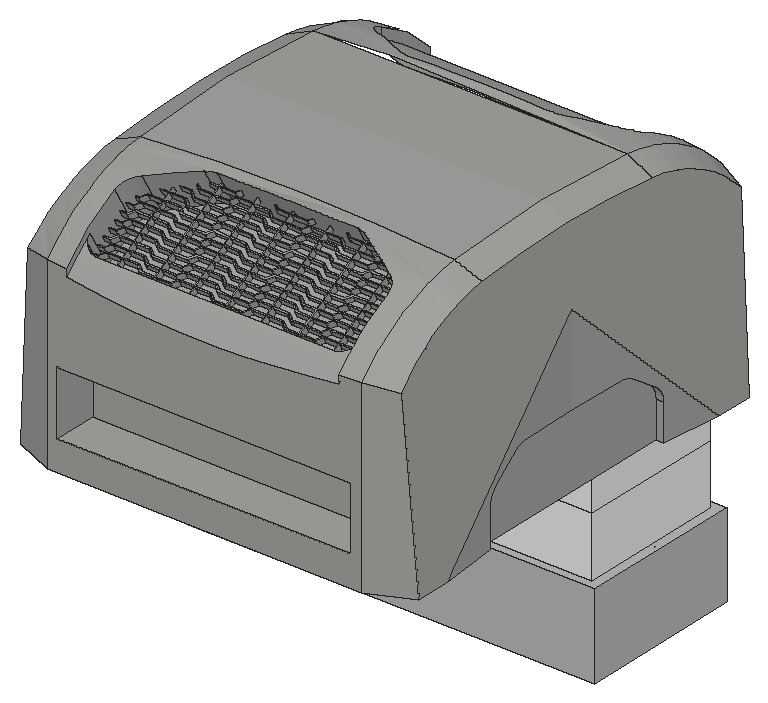
Revit family "OXeN X2-W-1.2-V nástěnná_RFA2018", category Mechanical Equipment, host Face, Revit 2018
Family settings
  Host = Face
  Round Connector Dimension = Use Diameter
  Part Type = Normal
  Cut with Voids When Loaded = No
  Shared = No
  Room Calculation Point = No
Parameters (values of type "X2-W-1.2-V")
  array_visibility [instance] = OxC quantity > 1  # yes
  visibility [instance] = not(array_visibility)  # no
  Weight of unit filled with water = 70.40 kg
  Weight of unit = 69.60 kg
  Water stream flow in the heat exchanger = 0 L/s
  Water pressure drop in the heat exchanger = 0 kPa
  URL = "www.hydronic.cz"
  Type Comments = "nástěnná instalace; výměník PN16; twmax=95°C; regulace vzduchového výkonu - spojitá 0-100%; filtr =EU4; IP42; Horizontální izotermický dosah pro koncovou rychlost 0,2m/s =max.15m"
  Thickness of the wall [instance] = 370.00 mm
  Product data = ""
  Power supply = 230 V
  Power ratio = 1
  OxE Extension [instance] = no
  OxC quantity [instance] = roundup((Thickness of the wall + 10.00 mm) / 200.00 mm)  # 2
  Outlet water temperature (Tw2) = 0 °C
  Outlet air temperature (Tp2) = 0 °C
  Max. current consumption = 1.9 A
  Material = FLOWAIR-EPP-Gray
  Manufacturer = "Hydronic Systems Prague s.r.o."
  Load classification = Motor
  Inlet water temperature (Tw1) = 0 °C
  Inlet air temperature (Tp1) = 0 °C
  Heating capacity = 0 kW
  Description = "Bezkanálová větrací jednotka s rekuperací"
  Model = "OXeN X2-W-1.2-V"
  array_quantity [instance] = if(OxC quantity < 2, 2, OxC quantity)  # 2
  IP = "42"
  length [instance] = Thickness of the wall + 10.00 mm  # 380.00 mm
  Default Elevation = 2000.00 mm
  Connection = 1/2"
  Author = ""
  Assembly Code = "30019; nástěnná; s teplovodním dohřevem - P=10kW při 80/60/5; (Qmax=1200m3/h při 100% vzduchovém výkonu a dpext=0Pa);; "
  Apparent power = Power supply * Max. current consumption  # 437 VA
  Air flow = 1200 m³/h
  Air exhaust right side [instance] = not(Air exhaust left side)  # no
  Air exhaust left side [instance] = yes
Reference planes
  plane 1 "Środek (Przód/Tył)": y = 0
  plane 2: z = 0
  plane 3 "Środek (Lewa/Prawa)": x = 0
  plane 4: z = -370
  plane 5: y = 1127.769
Forms (mm)
  Extrusion 1, void
    sketch origin (0, 0, 0) x (0, 1, 0) y (0, 0, 1)
      loop
        line (1348.769, 0) -> (906.769, 0) -> (906.769, -370) -> (1348.769, -370) -> (1348.769, 0)
    from 436 to -436
Dimensions and locks
  "Thickness of the wall": level to plane 4
  group 1 to group 2 = 0.00 mm  (x2)
  group 2 to group 1 = 180.00 mm
  aligned and locked: plane 2 to host face
  aligned and locked: level to host face
  aligned and locked: Extrusion 1 sketch curve to level
  aligned and locked: plane 4 to Extrusion 1 sketch curve
  aligned and locked: nested 3 to plane 4
  aligned and locked: nested 4 to plane 5
  aligned and locked: plane 3 "Środek (Lewa/Prawa)" to nested 4
  aligned and locked: plane 4 to nested 4
  aligned and locked: nested 6 to plane 4
  aligned and locked: nested 6 to plane 5
  aligned and locked: plane 3 "Środek (Lewa/Prawa)" to nested 6
Automatic sketch dimensions
  host sketch curve to host sketch curve = 2438.40 mm
  host sketch curve to host sketch curve = 1900.00 mm
  Extrusion 1 sketch curve to plane 1 "Środek (Przód/Tył)" = 906.769 mm
  Extrusion 1 sketch curve to Extrusion 1 sketch curve = 442.00 mm
Nested families
  nested 1: "OXeN" at (0, 0, 0), type "OXeN"
  nested 2: "FLOWAIR OxC" at (0, 1127.769, -190), visible <- "array_visibility", type "OxC"
    with Length 200.00 mm
  nested 3: "FLOWAIR OxC" at (0, 1127.769, -370), visible <- "array_visibility", type "OxC"
    with Length 200.00 mm
  nested 4: "FLOWAIR OxS" at (0, 1127.769, -370), visible <- "Air exhaust left side", OxE Extension <- "OxE Extension", type "OxS"
    with OxE Extension no, Extension 0.00 mm
  nested 5: "FLOWAIR OxS" at (0, 1127.769, -370) x (-1, 0, 0) z (0, 0, 1), visible <- "Air exhaust right side", OxE Extension <- "OxE Extension", type "OxS"
    with OxE Extension no, Extension 0.00 mm
  nested 6: "FLOWAIR OxC" at (0, 1127.769, -370), visible <- "visibility", type "OxC"
Connectors
  piping at (495, 239, 253), diameter 12.7, driven by "Connection", driven by "Water stream flow in the heat exchanger", driven by "Water pressure drop in the heat exchanger"
    settings: on nested 1, index 6, connector inside diameter 24", connector length 0.00 mm, flow factor 0, pipe flow 0 L/s, pressure drop 0 kPa, fitting loss kfactor 0, connector angle 0.00°, fixture units 0, engagement length 0.00 mm, angle of deflection 0.00°, flow configuration 1, flow direction 2, fitting loss method 4, system type 8, joint type 0, gender type 0, connector reference index -1, connector utility 0, adjustable connector no, is connector primary no, connector description ""
  piping at (480, 189, 278), diameter 12.7, driven by "Connection", driven by "Water stream flow in the heat exchanger", driven by "Water pressure drop in the heat exchanger"
    settings: on nested 1, index 7, connector inside diameter 24", connector length 0.00 mm, flow factor 0, pipe flow 0 L/s, pressure drop 0 kPa, fitting loss kfactor 0, connector angle 0.00°, fixture units 0, engagement length 0.00 mm, angle of deflection 0.00°, flow configuration 1, flow direction 1, fitting loss method 4, system type 7, joint type 0, gender type 0, connector reference index -1, connector utility 0, adjustable connector no, is connector primary yes, connector description ""
  electrical at (0, 684.634, 0), driven by "Power supply", driven by "Apparent power", driven by "Power ratio", driven by "Load classification"
    settings: on nested 1, index 8, voltage 230 V, apparent load 437 VA, apparent load phase1 0 VA, apparent load phase2 0 VA, apparent load phase3 0 VA, power factor 1, load classification "Motor", number of poles 1, system type 30, power factor state 1, is connector primary yes, connector utility no, sub classification motor no, connector description ""
  electrical at (545, 684.634, 141.254)
    settings: on nested 1, index 9, voltage 0 V, apparent load 0 VA, apparent load phase1 0 VA, apparent load phase2 0 VA, apparent load phase3 0 VA, power factor 1, load classification "Inne", number of poles 1, system type 13, power factor state 1, is connector primary no, connector utility no, sub classification motor no, connector description ""
Definition of nested family "OXeN"
  Parameters
    materiał = none
  Reference planes
    plane 1 "Środek (Przód/Tył)": y = 0
    plane 2: z = 0
    plane 3 "Środek (Lewa/Prawa)": x = 0
    plane 4: y = 684.634
    plane 5: through (0, 340, 716.901) normal (0, -0.5, 0.866)
  Forms (mm)
    Sweep 1, solid, material <- "materiał", detail levels fine
      path origin (0, 0, 0) x (0, 1, 0) y (0, 0, 1)
        loop
          line (1369.269, 0) -> (1369.269, 562.087)
          arc (1369.269, 562.087) -> (1205.496, 690.06) -> (1006.547, 750.205) r 565.368
          arc (1006.547, 750.205) -> (684.634, 767.72) -> (362.722, 750.205) r 2966.958
          arc (362.722, 750.205) -> (163.772, 690.06) -> (0, 562.087) r 565.368
          line (0, 562.087) -> (0, 0)
      profile origin (0, 1369.269, 281.043) x (0, -1, 0) y (1, 0, 0)
        loop
          line (20, -465) -> (159.403, -465) -> (159.403, 465) -> (20, 465)
          arc (20, 465) -> (0, 0) -> (20, -465) r 5415.625
    Sweep 2, solid, material <- "materiał", detail levels fine
      path origin (0, 0, 0) x (0, 1, 0) y (0, 0, 1)
        loop
          line (1369.269, 0) -> (1369.269, 514.96)
          arc (1369.269, 514.96) -> (1207.249, 655.027) -> (1003.292, 720.382) r 535.368
          arc (1003.292, 720.382) -> (684.634, 737.72) -> (365.977, 720.382) r 2936.958
          arc (365.977, 720.382) -> (162.02, 655.027) -> (0, 514.96) r 535.368
          line (0, 514.96) -> (0, 0)
      profile origin (0, 1369.269, 257.48) x (0, -1, 0) y (1, 0, 0)
        loop
          line (20, -465) -> (159.403, -465) -> (159.403, 465) -> (20, 465)
          arc (20, 465) -> (0, 0) -> (20, -465) r 5415.625
    Extrusion 3, void
      sketch origin (0, 0, 0) x (1, 0, 0) y (0, 1, 0)
        loop
          arc (207.827, 1029.269) -> (224.356, 1031.476) -> (239.726, 1037.942) r 63
          line (239.726, 1037.942) -> (367.198, 1112.79)
          arc (367.198, 1112.79) -> (392.866, 1138.741) -> (402.248, 1174.016) r 71
          line (402.248, 1174.016) -> (402.248, 1377.626) -> (-402.248, 1377.626) -> (-402.248, 1174.016)
          arc (-402.248, 1174.016) -> (-392.866, 1138.741) -> (-367.198, 1112.79) r 71
          line (-367.198, 1112.79) -> (-239.726, 1037.942)
          arc (-239.726, 1037.942) -> (-224.356, 1031.476) -> (-207.827, 1029.269) r 63
          line (-207.827, 1029.269) -> (207.827, 1029.269)
      from 490.327 to 774.857
    Extrusion 4, solid, material <- "materiał", detail levels fine
      sketch origin (0, 0, 0) x (0, 1, 0) y (0, 0, 1)
        loop
          arc (1209.866, 455.203) -> (1106.984, 527.552) -> (985.997, 561.92) r 375.966
          arc (985.997, 561.92) -> (684.634, 578.317) -> (383.272, 561.92) r 2777.556
          arc (383.272, 561.92) -> (262.285, 527.552) -> (159.403, 455.203) r 375.966
          line (159.403, 455.203) -> (159.403, 0) -> (1209.866, 0) -> (1209.866, 455.203)
      from -465 to 465
    Blend 5, solid, material <- "materiał", detail levels fine
      base sketch origin (0, 0, 0) x (0, 1, 0) y (0, 0, 1)
        loop
          arc (1004.377, 730.323) -> (684.634, 747.72) -> (364.892, 730.323) r 2946.958
          arc (364.892, 730.323) -> (176.315, 674.021) -> (20, 554.451) r 545.368
          line (20, 554.451) -> (20, 0) -> (1349.269, 0) -> (1349.269, 554.451)
          arc (1349.269, 554.451) -> (1192.954, 674.021) -> (1004.377, 730.323) r 545.368
      top sketch origin (0, 0, 0) x (0, 1, 0) y (0, 0, 1)
        loop
          line (1294.269, 0) -> (1294.269, 532.58)
          arc (1294.269, 532.58) -> (1158.681, 629.636) -> (998.409, 675.647) r 490.368
          arc (998.409, 675.647) -> (684.634, 692.72) -> (370.86, 675.647) r 2891.958
          arc (370.86, 675.647) -> (210.588, 629.636) -> (75, 532.58) r 490.368
          line (75, 532.58) -> (75, 0) -> (1294.269, 0)
      from 465 to 589
    Blend 6, solid, material <- "materiał", detail levels fine
      base sketch origin (0, 0, 0) x (0, 1, 0) y (0, 0, -1)
        loop
          arc (1004.377, -730.323) -> (1192.954, -674.021) -> (1349.269, -554.451) r 545.368
          line (1349.269, -554.451) -> (1349.269, 0) -> (20, 0) -> (20, -554.451)
          arc (20, -554.451) -> (176.315, -674.021) -> (364.892, -730.323) r 545.368
          arc (364.892, -730.323) -> (684.634, -747.72) -> (1004.377, -730.323) r 2946.958
      top sketch origin (0, 0, 0) x (0, 1, 0) y (0, 0, -1)
        loop
          line (1294.269, 0) -> (75, 0) -> (75, -532.58)
          arc (75, -532.58) -> (210.588, -629.636) -> (370.86, -675.647) r 490.368
          arc (370.86, -675.647) -> (684.634, -692.72) -> (998.409, -675.647) r 2891.958
          arc (998.409, -675.647) -> (1158.681, -629.636) -> (1294.269, -532.58) r 490.368
          line (1294.269, -532.58) -> (1294.269, 0)
      from 465 to 589
    Blend 7, solid, material <- "materiał", detail levels medium
      base sketch origin (0, 0, 0) x (0, 1, 0) y (0, 0, -1)
        loop
          arc (1004.377, -730.323) -> (1192.954, -674.021) -> (1349.269, -554.451) r 545.368
          line (1349.269, -554.451) -> (1349.269, 0) -> (20, 0) -> (20, -554.451)
          arc (20, -554.451) -> (176.315, -674.021) -> (364.892, -730.323) r 545.368
          arc (364.892, -730.323) -> (684.634, -747.72) -> (1004.377, -730.323) r 2946.958
      top sketch origin (0, 0, 0) x (0, 1, 0) y (0, 0, -1)
        loop
          line (1294.269, 0) -> (75, 0) -> (75, -532.58)
          arc (75, -532.58) -> (210.588, -629.636) -> (370.86, -675.647) r 490.368
          arc (370.86, -675.647) -> (684.634, -692.72) -> (998.409, -675.647) r 2891.958
          arc (998.409, -675.647) -> (1158.681, -629.636) -> (1294.269, -532.58) r 490.368
          line (1294.269, -532.58) -> (1294.269, 0)
      from 465 to 589
    Blend 8, solid, material <- "materiał", detail levels medium
      base sketch origin (0, 0, 0) x (0, 1, 0) y (0, 0, 1)
        loop
          arc (1004.377, 730.323) -> (684.634, 747.72) -> (364.892, 730.323) r 2946.958
          arc (364.892, 730.323) -> (176.315, 674.021) -> (20, 554.451) r 545.368
          line (20, 554.451) -> (20, 0) -> (1349.269, 0) -> (1349.269, 554.451)
          arc (1349.269, 554.451) -> (1192.954, 674.021) -> (1004.377, 730.323) r 545.368
      top sketch origin (0, 0, 0) x (0, 1, 0) y (0, 0, 1)
        loop
          line (1294.269, 0) -> (1294.269, 532.58)
          arc (1294.269, 532.58) -> (1158.681, 629.636) -> (998.409, 675.647) r 490.368
          arc (998.409, 675.647) -> (684.634, 692.72) -> (370.86, 675.647) r 2891.958
          arc (370.86, 675.647) -> (210.588, 629.636) -> (75, 532.58) r 490.368
          line (75, 532.58) -> (75, 0) -> (1294.269, 0)
      from 465 to 589
    Extrusion 9, void
      sketch origin (0, 0, 0) x (1, 0, 0) y (0, 0, 1)
        loop
          line (-589, 0) -> (-536.635, 775) -> (-589, 775) -> (-589, 0)
      from 0 to -1374.955
    Extrusion 10, void
      sketch origin (0, 0, 0) x (-1, 0, 0) y (0, 0, -1)
        loop
          line (-589, 0) -> (-589, -775) -> (-536.635, -775) -> (-589, 0)
      from 0 to -1374.955
    Extrusion 11, void
      sketch origin (0, 0, 0) x (1, 0, 0) y (0, 1, 0)
        loop
          arc (-589, 183.209) -> (-556, 684.634) -> (-589, 1186.059) r 3826
          line (-589, 1186.059) -> (-589, 183.209)
      from 0 to 801.676
    Extrusion 12, void
      sketch origin (0, 0, 0) x (-1, 0, 0) y (0, -1, 0)
        loop
          line (-589, -183.209) -> (-589, -1186.059)
          arc (-589, -1186.059) -> (-556, -684.634) -> (-589, -183.209) r 3826
      from 0 to 801.676
    Extrusion 13, void
      sketch origin (0, 0, 0) x (0, 1, 0) y (0, 0, 1)
        loop
          line (362.983, 0) -> (1006.285, 0) -> (1006.285, 108.958)
          arc (1006.285, 108.958) -> (999.442, 136.785) -> (980.474, 158.264) r 60
          line (980.474, 158.264) -> (899.838, 214.177)
          arc (899.838, 214.177) -> (883.561, 222.135) -> (865.65, 224.871) r 60
          line (865.65, 224.871) -> (503.619, 224.871)
          arc (503.619, 224.871) -> (485.708, 222.135) -> (469.43, 214.177) r 60
          line (469.43, 214.177) -> (388.795, 158.264)
          arc (388.795, 158.264) -> (369.826, 136.785) -> (362.983, 108.958) r 60
          line (362.983, 108.958) -> (362.983, 0)
      from -589 to -545
    Extrusion 14, void
      sketch origin (0, 0, 0) x (0, 1, 0) y (0, 0, -1)
        loop
          line (362.983, 0) -> (362.983, -108.958)
          arc (362.983, -108.958) -> (369.826, -136.785) -> (388.795, -158.264) r 60
          line (388.795, -158.264) -> (469.43, -214.177)
          arc (469.43, -214.177) -> (485.708, -222.135) -> (503.619, -224.871) r 60
          line (503.619, -224.871) -> (865.65, -224.871)
          arc (865.65, -224.871) -> (883.561, -222.135) -> (899.838, -214.177) r 60
          line (899.838, -214.177) -> (980.474, -158.264)
          arc (980.474, -158.264) -> (999.442, -136.785) -> (1006.285, -108.958) r 60
          line (1006.285, -108.958) -> (1006.285, 0) -> (362.983, 0)
      from -589 to -545
    Sweep 15, solid, material <- "materiał", detail levels medium
      path origin (0, 0, 0) x (0, 1, 0) y (0, 0, 1)
        loop
          line (1369.269, 0) -> (1369.269, 562.087)
          arc (1369.269, 562.087) -> (1205.496, 690.06) -> (1006.547, 750.205) r 565.368
          arc (1006.547, 750.205) -> (684.634, 767.72) -> (362.722, 750.205) r 2966.958
          arc (362.722, 750.205) -> (163.772, 690.06) -> (0, 562.087) r 565.368
          line (0, 562.087) -> (0, 0)
      profile origin (0, 1369.269, 281.043) x (0, -1, 0) y (1, 0, 0)
        loop
          line (20, -465) -> (264.634, -465) -> (264.634, 465) -> (20, 465)
          arc (20, 465) -> (0, 0) -> (20, -465) r 5415.625
    Extrusion 16, solid, material <- "materiał", detail levels medium
      sketch origin (0, 0, 0) x (0, 1, 0) y (0, 0, 1)
        loop
          arc (1104.634, 443.17) -> (1043.718, 472.315) -> (977.834, 487.132) r 300.734
          arc (977.834, 487.132) -> (684.634, 503.085) -> (391.435, 487.132) r 2702.324
          arc (391.435, 487.132) -> (325.551, 472.315) -> (264.634, 443.17) r 300.734
          line (264.634, 443.17) -> (264.634, 0) -> (1104.634, 0) -> (1104.634, 443.17)
      from -465 to 465
    Extrusion 17, solid, material <- "materiał", detail levels coarse
      sketch origin (0, 0, 0) x (0, 1, 0) y (0, 0, 1)
        loop
          line (1369.269, 0) -> (1369.269, 562.087)
          arc (1369.269, 562.087) -> (1205.496, 690.06) -> (1006.547, 750.205) r 565.368
          arc (1006.547, 750.205) -> (684.634, 767.72) -> (362.722, 750.205) r 2966.958
          arc (362.722, 750.205) -> (163.772, 690.06) -> (0, 562.087) r 565.368
          line (0, 562.087) -> (0, 0) -> (1369.269, 0)
      from -589 to 589
    Extrusion 18, void
      sketch origin (0, 0, 0) x (0, 1, 0) y (0, 0, 1)
        loop
          line (-35, 92) -> (150, 92) -> (150, 282) -> (-35, 282) -> (-35, 92)
      from -435 to 435
    Extrusion 19, solid, not visible
      sketch origin (0, 0, 0) x (1, 0, 0) y (0, 1, 0)
        loop
          circle (480, 189) r 8
      from 278 to 376
    Extrusion 20, solid, not visible
      sketch origin (0, 0, 0) x (1, 0, 0) y (0, 1, 0)
        loop
          circle (495, 239) r 8
      from 253 to 376
    Extrusion 21, void
      sketch origin (0, 340, 716.901) x (0, 0.866025, 0.5) y (-1, 0, 0)
        loop
          arc (0, 207.827) -> (-2.207, 224.356) -> (-8.673, 239.726) r 63
          line (-8.673, 239.726) -> (-83.521, 367.198)
          arc (-83.521, 367.198) -> (-109.472, 392.866) -> (-144.747, 402.248) r 71
          line (-144.747, 402.248) -> (-261.299, 402.248)
          arc (-261.299, 402.248) -> (-276.188, 399.025) -> (-288.411, 389.933) r 36
          line (-288.411, 389.933) -> (-300.148, 376.497)
          arc (-300.148, 376.497) -> (-305.31, 368.081) -> (-307.168, 358.385) r 27.506
          line (-307.168, 358.385) -> (-307.168, -358.385)
          arc (-307.168, -358.385) -> (-305.31, -368.081) -> (-300.148, -376.497) r 27.506
          line (-300.148, -376.497) -> (-288.411, -389.933)
          arc (-288.411, -389.933) -> (-276.188, -399.025) -> (-261.299, -402.248) r 36
          line (-261.299, -402.248) -> (-144.747, -402.248)
          arc (-144.747, -402.248) -> (-109.472, -392.866) -> (-83.521, -367.198) r 71
          line (-83.521, -367.198) -> (-8.673, -239.726)
          arc (-8.673, -239.726) -> (-2.207, -224.356) -> (0, -207.827) r 63
          line (0, -207.827) -> (0, 207.827)
      from -100 to 100
    Extrusion 22, solid, material <- "materiał", detail levels fine
      sketch origin (0, 340, 716.901) x (0, 0.866025, 0.5) y (-1, 0, 0)
        loop
          line (-236.262, -383.565) -> (-236.262, -402.248) -> (-233.262, -402.248) -> (-233.262, -384.96) -> (-218.262, -369.97) -> (-218.262, -324.043) -> (-196.262, -324.043) -> (-196.262, -368.757) -> (-211.262, -383.565) -> (-211.262, -402.248) -> (-208.262, -402.248) -> (-208.262, -384.96) -> (-193.262, -369.97) -> (-193.262, -324.043) -> (-171.262, -324.043) -> (-171.262, -368.757) -> (-186.262, -383.565) -> (-186.262, -402.248) -> (-183.262, -402.248) -> (-183.262, -384.96) -> (-168.262, -369.97) -> (-168.262, -324.043) -> (-146.262, -324.043) -> (-146.262, -368.757) -> (-161.262, -383.565) -> (-161.262, -402.248) -> (-158.262, -402.248) -> (-158.262, -384.96) -> (-143.262, -369.97) -> (-143.262, -324.043) -> (-121.262, -324.043) -> (-121.262, -368.757) -> (-136.262, -383.565) -> (-136.262, -401.74)
          arc (-136.262, -401.74) -> (-134.76, -401.542) -> (-133.262, -401.313) r 71
          line (-133.262, -401.313) -> (-133.262, -384.96) -> (-118.262, -369.97) -> (-118.262, -324.043) -> (-96.262, -324.043) -> (-96.262, -368.757) -> (-111.262, -383.565) -> (-111.262, -393.856)
          arc (-111.262, -393.856) -> (-109.752, -393.025) -> (-108.262, -392.157) r 71
          line (-108.262, -392.157) -> (-108.262, -384.96) -> (-93.262, -369.97) -> (-93.262, -324.043) -> (-71.262, -324.043) -> (-71.262, -346.32) -> (-68.262, -341.211) -> (-68.262, -324.043) -> (-58.182, -324.043) -> (-57.007, -322.043) -> (-68.262, -322.043) -> (-68.262, -276.117) -> (-83.262, -261.127) -> (-83.262, -217.918) -> (-61.262, -217.918) -> (-61.262, -262.522) -> (-46.262, -277.33) -> (-46.262, -303.743) -> (-43.262, -298.634) -> (-43.262, -276.117) -> (-58.262, -261.127) -> (-58.262, -217.918) -> (-36.262, -217.918) -> (-36.262, -262.522) -> (-27.27, -271.398) -> (-25.685, -268.699) -> (-33.262, -261.127) -> (-33.262, -217.918) -> (-11.262, -217.918) -> (-11.262, -244.135) -> (-8.262, -239.026) -> (-8.262, -217.918) -> (-0.814, -217.918)
          arc (-0.814, -217.918) -> (-0.561, -216.209) -> (-0.354, -214.493) r 63
          line (-0.354, -214.493) -> (-8.262, -214.493) -> (-8.262, -171.284) -> (0, -163.028) -> (0, -158.771) -> (-11.262, -169.889) -> (-11.262, -214.493) -> (-33.262, -214.493) -> (-33.262, -171.284) -> (-18.262, -156.294) -> (-18.262, -110.368) -> (0, -110.368) -> (0, -108.368) -> (-18.262, -108.368) -> (-18.262, -62.441) -> (-33.262, -47.451) -> (-33.262, -1.625) -> (-11.262, -1.625) -> (-11.262, -48.846) -> (0, -59.964) -> (0, -55.708) -> (-8.262, -47.451) -> (-8.262, -1.625) -> (0, -1.625) -> (0, 1.625) -> (-8.262, 1.625) -> (-8.262, 42.216) -> (0, 50.473) -> (0, 54.729) -> (-11.262, 43.612) -> (-11.262, 1.625) -> (-33.262, 1.625) -> (-33.262, 42.216) -> (-18.262, 57.206) -> (-18.262, 103.133) -> (0, 103.133) -> (0, 105.133) -> (-18.262, 105.133) -> (-18.262, 151.06) -> (-33.262, 166.05) -> (-33.262, 209.258) -> (-11.262, 209.258) -> (-11.262, 164.654) -> (0, 153.537) -> (0, 157.793) -> (-8.262, 166.05) -> (-8.262, 209.258) -> (-0.017, 209.258)
          arc (-0.017, 209.258) -> (-0.075, 210.884) -> (-0.175, 212.509) r 63
          line (-0.175, 212.509) -> (-8.262, 212.509) -> (-8.262, 239.026) -> (-11.262, 244.135) -> (-11.262, 212.509) -> (-33.262, 212.509) -> (-33.262, 255.717) -> (-23.683, 265.29) -> (-25.26, 267.974) -> (-36.262, 257.112) -> (-36.262, 212.509) -> (-58.262, 212.509) -> (-58.262, 255.717) -> (-43.262, 270.707) -> (-43.262, 298.634) -> (-46.262, 303.743) -> (-46.262, 271.92) -> (-61.262, 257.112) -> (-61.262, 212.509) -> (-83.262, 212.509) -> (-83.262, 255.717) -> (-68.262, 270.707) -> (-68.262, 316.634) -> (-53.831, 316.634) -> (-55.005, 318.634) -> (-68.262, 318.634) -> (-68.262, 341.211) -> (-71.262, 346.32) -> (-71.262, 318.634) -> (-93.262, 318.634) -> (-93.262, 364.56) -> (-108.262, 379.55) -> (-108.262, 392.157)
          arc (-108.262, 392.157) -> (-109.752, 393.025) -> (-111.262, 393.856) r 71
          line (-111.262, 393.856) -> (-111.262, 378.155) -> (-96.262, 363.348) -> (-96.262, 318.634) -> (-118.262, 318.634) -> (-118.262, 364.56) -> (-133.262, 379.55) -> (-133.262, 401.313)
          arc (-133.262, 401.313) -> (-134.76, 401.542) -> (-136.262, 401.74) r 71
          line (-136.262, 401.74) -> (-136.262, 378.155) -> (-121.262, 363.348) -> (-121.262, 318.634) -> (-143.262, 318.634) -> (-143.262, 364.56) -> (-158.262, 379.55) -> (-158.262, 402.248) -> (-161.262, 402.248) -> (-161.262, 378.155) -> (-146.262, 363.348) -> (-146.262, 318.634) -> (-168.262, 318.634) -> (-168.262, 364.56) -> (-183.262, 379.55) -> (-183.262, 402.248) -> (-186.262, 402.248) -> (-186.262, 378.155) -> (-171.262, 363.348) -> (-171.262, 318.634) -> (-193.262, 318.634) -> (-193.262, 364.56) -> (-208.262, 379.55) -> (-208.262, 402.248) -> (-211.262, 402.248) -> (-211.262, 378.155) -> (-196.262, 363.348) -> (-196.262, 318.634) -> (-218.262, 318.634) -> (-218.262, 364.56) -> (-233.262, 379.55) -> (-233.262, 402.248) -> (-236.262, 402.248) -> (-236.262, 378.155) -> (-221.262, 363.348) -> (-221.262, 318.634) -> (-243.262, 318.634) -> (-243.262, 364.56) -> (-258.262, 379.55) -> (-258.262, 402.248) -> (-261.262, 402.248) -> (-261.262, 378.155) -> (-246.262, 363.348) -> (-246.262, 318.634) -> (-268.262, 318.634) -> (-268.262, 364.56) -> (-283.262, 379.55) -> (-283.262, 394.772)
          arc (-283.262, 394.772) -> (-284.798, 393.521) -> (-286.262, 392.187) r 36
          line (-286.262, 392.187) -> (-286.262, 378.155) -> (-271.262, 363.348) -> (-271.262, 318.634) -> (-293.262, 318.634) -> (-293.262, 364.56) -> (-302.371, 373.663)
          arc (-302.371, 373.663) -> (-303.219, 372.343) -> (-303.99, 370.977) r 27.506
          line (-303.99, 370.977) -> (-296.262, 363.348) -> (-296.262, 318.634) -> (-307.168, 318.634) -> (-307.168, 316.634) -> (-296.262, 316.634) -> (-296.262, 271.92) -> (-307.168, 261.154) -> (-307.168, 256.811) -> (-293.262, 270.707) -> (-293.262, 316.634) -> (-271.262, 316.634) -> (-271.262, 271.92) -> (-286.262, 257.112) -> (-286.262, 212.509) -> (-307.168, 212.509) -> (-307.168, 209.258) -> (-286.262, 209.258) -> (-286.262, 164.654) -> (-271.262, 149.847) -> (-271.262, 105.133) -> (-293.262, 105.133) -> (-293.262, 151.06) -> (-307.168, 164.956) -> (-307.168, 160.613) -> (-296.262, 149.847) -> (-296.262, 105.133) -> (-307.168, 105.133) -> (-307.168, 103.133) -> (-296.262, 103.133) -> (-296.262, 58.419) -> (-307.168, 47.653) -> (-307.168, 43.31) -> (-293.262, 57.206) -> (-293.262, 103.133) -> (-271.262, 103.133) -> (-271.262, 58.419) -> (-286.262, 43.612) -> (-286.262, 1.625) -> (-307.168, 1.625) -> (-307.168, -1.625) -> (-286.262, -1.625) -> (-286.262, -48.846) -> (-271.262, -63.654) -> (-271.262, -108.368) -> (-293.262, -108.368) -> (-293.262, -62.441) -> (-307.168, -48.545) -> (-307.168, -52.888) -> (-296.262, -63.654) -> (-296.262, -108.368) -> (-307.168, -108.368) -> (-307.168, -110.368) -> (-296.262, -110.368) -> (-296.262, -155.082) -> (-307.168, -165.847) -> (-307.168, -170.191) -> (-293.262, -156.294) -> (-293.262, -110.368) -> (-271.262, -110.368) -> (-271.262, -155.082) -> (-286.262, -169.889) -> (-286.262, -214.493) -> (-307.168, -214.493) -> (-307.168, -217.918) -> (-286.262, -217.918) -> (-286.262, -262.522) -> (-271.262, -277.33) -> (-271.262, -322.043) -> (-293.262, -322.043) -> (-293.262, -276.117) -> (-307.168, -262.22) -> (-307.168, -266.564) -> (-296.262, -277.33) -> (-296.262, -322.043) -> (-307.168, -322.043) -> (-307.168, -324.043) -> (-296.262, -324.043) -> (-296.262, -368.757) -> (-301.903, -374.326)
          arc (-301.903, -374.326) -> (-300.974, -375.531) -> (-299.98, -376.683) r 27.506
          line (-299.98, -376.683) -> (-293.262, -369.97) -> (-293.262, -324.043) -> (-271.262, -324.043) -> (-271.262, -368.757) -> (-286.262, -383.565) -> (-286.262, -392.187)
          arc (-286.262, -392.187) -> (-284.798, -393.521) -> (-283.262, -394.772) r 36
          line (-283.262, -394.772) -> (-283.262, -384.96) -> (-268.262, -369.97) -> (-268.262, -324.043) -> (-246.262, -324.043) -> (-246.262, -368.757) -> (-261.262, -383.565) -> (-261.262, -402.248) -> (-258.262, -402.248) -> (-258.262, -384.96) -> (-243.262, -369.97) -> (-243.262, -324.043) -> (-221.262, -324.043) -> (-221.262, -368.757) -> (-236.262, -383.565)
        loop
          line (-221.262, -322.043) -> (-221.262, -277.33) -> (-236.262, -262.522) -> (-236.262, -217.918) -> (-258.262, -217.918) -> (-258.262, -261.127) -> (-243.262, -276.117) -> (-243.262, -322.043) -> (-221.262, -322.043)
        loop
          line (-233.262, -217.918) -> (-233.262, -261.127) -> (-218.262, -276.117) -> (-218.262, -322.043) -> (-196.262, -322.043) -> (-196.262, -277.33) -> (-211.262, -262.522) -> (-211.262, -217.918) -> (-233.262, -217.918)
        loop
          line (-236.262, -169.889) -> (-221.262, -155.082) -> (-221.262, -110.368) -> (-243.262, -110.368) -> (-243.262, -156.294) -> (-258.262, -171.284) -> (-258.262, -214.493) -> (-236.262, -214.493) -> (-236.262, -169.889)
        loop
          line (-218.262, -110.368) -> (-218.262, -156.294) -> (-233.262, -171.284) -> (-233.262, -214.493) -> (-211.262, -214.493) -> (-211.262, -169.889) -> (-196.262, -155.082) -> (-196.262, -110.368) -> (-218.262, -110.368)
        loop
          line (-221.262, -108.368) -> (-221.262, -63.654) -> (-236.262, -48.846) -> (-236.262, -1.625) -> (-258.262, -1.625) -> (-258.262, -47.451) -> (-243.262, -62.441) -> (-243.262, -108.368) -> (-221.262, -108.368)
        loop
          line (-233.262, -1.625) -> (-233.262, -47.451) -> (-218.262, -62.441) -> (-218.262, -108.368) -> (-196.262, -108.368) -> (-196.262, -63.654) -> (-211.262, -48.846) -> (-211.262, -1.625) -> (-233.262, -1.625)
        loop
          line (-236.262, 43.612) -> (-221.262, 58.419) -> (-221.262, 103.133) -> (-243.262, 103.133) -> (-243.262, 57.206) -> (-258.262, 42.216) -> (-258.262, 1.625) -> (-236.262, 1.625) -> (-236.262, 43.612)
        loop
          line (-218.262, 103.133) -> (-218.262, 57.206) -> (-233.262, 42.216) -> (-233.262, 1.625) -> (-211.262, 1.625) -> (-211.262, 43.612) -> (-196.262, 58.419) -> (-196.262, 103.133) -> (-218.262, 103.133)
        loop
          line (-221.262, 105.133) -> (-221.262, 149.847) -> (-236.262, 164.654) -> (-236.262, 209.258) -> (-258.262, 209.258) -> (-258.262, 166.05) -> (-243.262, 151.06) -> (-243.262, 105.133) -> (-221.262, 105.133)
        loop
          line (-233.262, 209.258) -> (-233.262, 166.05) -> (-218.262, 151.06) -> (-218.262, 105.133) -> (-196.262, 105.133) -> (-196.262, 149.847) -> (-211.262, 164.654) -> (-211.262, 209.258) -> (-233.262, 209.258)
        loop
          line (-236.262, 257.112) -> (-221.262, 271.92) -> (-221.262, 316.634) -> (-243.262, 316.634) -> (-243.262, 270.707) -> (-258.262, 255.717) -> (-258.262, 212.509) -> (-236.262, 212.509) -> (-236.262, 257.112)
        loop
          line (-218.262, 316.634) -> (-218.262, 270.707) -> (-233.262, 255.717) -> (-233.262, 212.509) -> (-211.262, 212.509) -> (-211.262, 257.112) -> (-196.262, 271.92) -> (-196.262, 316.634) -> (-218.262, 316.634)
        loop
          line (-246.262, -322.043) -> (-246.262, -277.33) -> (-261.262, -262.522) -> (-261.262, -217.918) -> (-283.262, -217.918) -> (-283.262, -261.127) -> (-268.262, -276.117) -> (-268.262, -322.043) -> (-246.262, -322.043)
        loop
          line (-261.262, -169.889) -> (-246.262, -155.082) -> (-246.262, -110.368) -> (-268.262, -110.368) -> (-268.262, -156.294) -> (-283.262, -171.284) -> (-283.262, -214.493) -> (-261.262, -214.493) -> (-261.262, -169.889)
        loop
          line (-246.262, -108.368) -> (-246.262, -63.654) -> (-261.262, -48.846) -> (-261.262, -1.625) -> (-283.262, -1.625) -> (-283.262, -47.451) -> (-268.262, -62.441) -> (-268.262, -108.368) -> (-246.262, -108.368)
        loop
          line (-261.262, 43.612) -> (-246.262, 58.419) -> (-246.262, 103.133) -> (-268.262, 103.133) -> (-268.262, 57.206) -> (-283.262, 42.216) -> (-283.262, 1.625) -> (-261.262, 1.625) -> (-261.262, 43.612)
        loop
          line (-246.262, 105.133) -> (-246.262, 149.847) -> (-261.262, 164.654) -> (-261.262, 209.258) -> (-283.262, 209.258) -> (-283.262, 166.05) -> (-268.262, 151.06) -> (-268.262, 105.133) -> (-246.262, 105.133)
        loop
          line (-261.262, 257.112) -> (-246.262, 271.92) -> (-246.262, 316.634) -> (-268.262, 316.634) -> (-268.262, 270.707) -> (-283.262, 255.717) -> (-283.262, 212.509) -> (-261.262, 212.509) -> (-261.262, 257.112)
        loop
          line (-208.262, -217.918) -> (-208.262, -261.127) -> (-193.262, -276.117) -> (-193.262, -322.043) -> (-171.262, -322.043) -> (-171.262, -277.33) -> (-186.262, -262.522) -> (-186.262, -217.918) -> (-208.262, -217.918)
        loop
          line (-193.262, -110.368) -> (-193.262, -156.294) -> (-208.262, -171.284) -> (-208.262, -214.493) -> (-186.262, -214.493) -> (-186.262, -169.889) -> (-171.262, -155.082) -> (-171.262, -110.368) -> (-193.262, -110.368)
        loop
          line (-208.262, -1.625) -> (-208.262, -47.451) -> (-193.262, -62.441) -> (-193.262, -108.368) -> (-171.262, -108.368) -> (-171.262, -63.654) -> (-186.262, -48.846) -> (-186.262, -1.625) -> (-208.262, -1.625)
        loop
          line (-193.262, 103.133) -> (-193.262, 57.206) -> (-208.262, 42.216) -> (-208.262, 1.625) -> (-186.262, 1.625) -> (-186.262, 43.612) -> (-171.262, 58.419) -> (-171.262, 103.133) -> (-193.262, 103.133)
        loop
          line (-208.262, 209.258) -> (-208.262, 166.05) -> (-193.262, 151.06) -> (-193.262, 105.133) -> (-171.262, 105.133) -> (-171.262, 149.847) -> (-186.262, 164.654) -> (-186.262, 209.258) -> (-208.262, 209.258)
        loop
          line (-193.262, 316.634) -> (-193.262, 270.707) -> (-208.262, 255.717) -> (-208.262, 212.509) -> (-186.262, 212.509) -> (-186.262, 257.112) -> (-171.262, 271.92) -> (-171.262, 316.634) -> (-193.262, 316.634)
        loop
          line (-183.262, -217.918) -> (-183.262, -261.127) -> (-168.262, -276.117) -> (-168.262, -322.043) -> (-146.262, -322.043) -> (-146.262, -277.33) -> (-161.262, -262.522) -> (-161.262, -217.918) -> (-183.262, -217.918)
        loop
          line (-168.262, -110.368) -> (-168.262, -156.294) -> (-183.262, -171.284) -> (-183.262, -214.493) -> (-161.262, -214.493) -> (-161.262, -169.889) -> (-146.262, -155.082) -> (-146.262, -110.368) -> (-168.262, -110.368)
        loop
          line (-183.262, -1.625) -> (-183.262, -47.451) -> (-168.262, -62.441) -> (-168.262, -108.368) -> (-146.262, -108.368) -> (-146.262, -63.654) -> (-161.262, -48.846) -> (-161.262, -1.625) -> (-183.262, -1.625)
        loop
          line (-168.262, 103.133) -> (-168.262, 57.206) -> (-183.262, 42.216) -> (-183.262, 1.625) -> (-161.262, 1.625) -> (-161.262, 43.612) -> (-146.262, 58.419) -> (-146.262, 103.133) -> (-168.262, 103.133)
        loop
          line (-183.262, 209.258) -> (-183.262, 166.05) -> (-168.262, 151.06) -> (-168.262, 105.133) -> (-146.262, 105.133) -> (-146.262, 149.847) -> (-161.262, 164.654) -> (-161.262, 209.258) -> (-183.262, 209.258)
        loop
          line (-168.262, 316.634) -> (-168.262, 270.707) -> (-183.262, 255.717) -> (-183.262, 212.509) -> (-161.262, 212.509) -> (-161.262, 257.112) -> (-146.262, 271.92) -> (-146.262, 316.634) -> (-168.262, 316.634)
        loop
          line (-158.262, -217.918) -> (-158.262, -261.127) -> (-143.262, -276.117) -> (-143.262, -322.043) -> (-121.262, -322.043) -> (-121.262, -277.33) -> (-136.262, -262.522) -> (-136.262, -217.918) -> (-158.262, -217.918)
        loop
          line (-143.262, -110.368) -> (-143.262, -156.294) -> (-158.262, -171.284) -> (-158.262, -214.493) -> (-136.262, -214.493) -> (-136.262, -169.889) -> (-121.262, -155.082) -> (-121.262, -110.368) -> (-143.262, -110.368)
        loop
          line (-158.262, -1.625) -> (-158.262, -47.451) -> (-143.262, -62.441) -> (-143.262, -108.368) -> (-121.262, -108.368) -> (-121.262, -63.654) -> (-136.262, -48.846) -> (-136.262, -1.625) -> (-158.262, -1.625)
        loop
          line (-143.262, 103.133) -> (-143.262, 57.206) -> (-158.262, 42.216) -> (-158.262, 1.625) -> (-136.262, 1.625) -> (-136.262, 43.612) -> (-121.262, 58.419) -> (-121.262, 103.133) -> (-143.262, 103.133)
        loop
          line (-158.262, 209.258) -> (-158.262, 166.05) -> (-143.262, 151.06) -> (-143.262, 105.133) -> (-121.262, 105.133) -> (-121.262, 149.847) -> (-136.262, 164.654) -> (-136.262, 209.258) -> (-158.262, 209.258)
        loop
          line (-143.262, 316.634) -> (-143.262, 270.707) -> (-158.262, 255.717) -> (-158.262, 212.509) -> (-136.262, 212.509) -> (-136.262, 257.112) -> (-121.262, 271.92) -> (-121.262, 316.634) -> (-143.262, 316.634)
        loop
          line (-133.262, -217.918) -> (-133.262, -261.127) -> (-118.262, -276.117) -> (-118.262, -322.043) -> (-96.262, -322.043) -> (-96.262, -277.33) -> (-111.262, -262.522) -> (-111.262, -217.918) -> (-133.262, -217.918)
        loop
          line (-118.262, -110.368) -> (-118.262, -156.294) -> (-133.262, -171.284) -> (-133.262, -214.493) -> (-111.262, -214.493) -> (-111.262, -169.889) -> (-96.262, -155.082) -> (-96.262, -110.368) -> (-118.262, -110.368)
        loop
          line (-133.262, -1.625) -> (-133.262, -47.451) -> (-118.262, -62.441) -> (-118.262, -108.368) -> (-96.262, -108.368) -> (-96.262, -63.654) -> (-111.262, -48.846) -> (-111.262, -1.625) -> (-133.262, -1.625)
        loop
          line (-118.262, 103.133) -> (-118.262, 57.206) -> (-133.262, 42.216) -> (-133.262, 1.625) -> (-111.262, 1.625) -> (-111.262, 43.612) -> (-96.262, 58.419) -> (-96.262, 103.133) -> (-118.262, 103.133)
        loop
          line (-133.262, 209.258) -> (-133.262, 166.05) -> (-118.262, 151.06) -> (-118.262, 105.133) -> (-96.262, 105.133) -> (-96.262, 149.847) -> (-111.262, 164.654) -> (-111.262, 209.258) -> (-133.262, 209.258)
        loop
          line (-118.262, 316.634) -> (-118.262, 270.707) -> (-133.262, 255.717) -> (-133.262, 212.509) -> (-111.262, 212.509) -> (-111.262, 257.112) -> (-96.262, 271.92) -> (-96.262, 316.634) -> (-118.262, 316.634)
        loop
          line (-108.262, -217.918) -> (-108.262, -261.127) -> (-93.262, -276.117) -> (-93.262, -322.043) -> (-71.262, -322.043) -> (-71.262, -277.33) -> (-86.262, -262.522) -> (-86.262, -217.918) -> (-108.262, -217.918)
        loop
          line (-93.262, -110.368) -> (-93.262, -156.294) -> (-108.262, -171.284) -> (-108.262, -214.493) -> (-86.262, -214.493) -> (-86.262, -169.889) -> (-71.262, -155.082) -> (-71.262, -110.368) -> (-93.262, -110.368)
        loop
          line (-108.262, -1.625) -> (-108.262, -47.451) -> (-93.262, -62.441) -> (-93.262, -108.368) -> (-71.262, -108.368) -> (-71.262, -63.654) -> (-86.262, -48.846) -> (-86.262, -1.625) -> (-108.262, -1.625)
        loop
          line (-93.262, 103.133) -> (-93.262, 57.206) -> (-108.262, 42.216) -> (-108.262, 1.625) -> (-86.262, 1.625) -> (-86.262, 43.612) -> (-71.262, 58.419) -> (-71.262, 103.133) -> (-93.262, 103.133)
        loop
          line (-108.262, 209.258) -> (-108.262, 166.05) -> (-93.262, 151.06) -> (-93.262, 105.133) -> (-71.262, 105.133) -> (-71.262, 149.847) -> (-86.262, 164.654) -> (-86.262, 209.258) -> (-108.262, 209.258)
        loop
          line (-93.262, 316.634) -> (-93.262, 270.707) -> (-108.262, 255.717) -> (-108.262, 212.509) -> (-86.262, 212.509) -> (-86.262, 257.112) -> (-71.262, 271.92) -> (-71.262, 316.634) -> (-93.262, 316.634)
        loop
          line (-68.262, -110.368) -> (-68.262, -156.294) -> (-83.262, -171.284) -> (-83.262, -214.493) -> (-61.262, -214.493) -> (-61.262, -169.889) -> (-46.262, -155.082) -> (-46.262, -110.368) -> (-68.262, -110.368)
        loop
          line (-83.262, -1.625) -> (-83.262, -47.451) -> (-68.262, -62.441) -> (-68.262, -108.368) -> (-46.262, -108.368) -> (-46.262, -63.654) -> (-61.262, -48.846) -> (-61.262, -1.625) -> (-83.262, -1.625)
        loop
          line (-68.262, 103.133) -> (-68.262, 57.206) -> (-83.262, 42.216) -> (-83.262, 1.625) -> (-61.262, 1.625) -> (-61.262, 43.612) -> (-46.262, 58.419) -> (-46.262, 103.133) -> (-68.262, 103.133)
        loop
          line (-83.262, 209.258) -> (-83.262, 166.05) -> (-68.262, 151.06) -> (-68.262, 105.133) -> (-46.262, 105.133) -> (-46.262, 149.847) -> (-61.262, 164.654) -> (-61.262, 209.258) -> (-83.262, 209.258)
        loop
          line (-43.262, -110.368) -> (-43.262, -156.294) -> (-58.262, -171.284) -> (-58.262, -214.493) -> (-36.262, -214.493) -> (-36.262, -169.889) -> (-21.262, -155.082) -> (-21.262, -110.368) -> (-43.262, -110.368)
        loop
          line (-58.262, -1.625) -> (-58.262, -47.451) -> (-43.262, -62.441) -> (-43.262, -108.368) -> (-21.262, -108.368) -> (-21.262, -63.654) -> (-36.262, -48.846) -> (-36.262, -1.625) -> (-58.262, -1.625)
        loop
          line (-43.262, 103.133) -> (-43.262, 57.206) -> (-58.262, 42.216) -> (-58.262, 1.625) -> (-36.262, 1.625) -> (-36.262, 43.612) -> (-21.262, 58.419) -> (-21.262, 103.133) -> (-43.262, 103.133)
        loop
          line (-58.262, 209.258) -> (-58.262, 166.05) -> (-43.262, 151.06) -> (-43.262, 105.133) -> (-21.262, 105.133) -> (-21.262, 149.847) -> (-36.262, 164.654) -> (-36.262, 209.258) -> (-58.262, 209.258)
      from -35 to -15
    Extrusion 23, void
      sketch origin (0, 0, 0) x (0, 1, 0) y (0, 0, 1)
        loop
          line (153.272, 650.008) -> (153.272, 795.382) -> (0, 795.382) -> (0, 514.96)
          arc (0, 514.96) -> (70.135, 589.862) -> (153.272, 650.008) r 535.368
      from -402.248 to 402.248
  Cuts and joins
    Extrusion 10, Extrusion 12, Extrusion 14 cuts Blend 7
    Extrusion 3, Extrusion 18, Extrusion 21, Extrusion 23 cuts Sweep 1
    Extrusion 18, Extrusion 21 cuts Sweep 2
    Extrusion 18, Extrusion 21 cuts Extrusion 4
    Extrusion 10, Extrusion 12, Extrusion 14, Extrusion 18, Extrusion 21 cuts Blend 5
    Extrusion 9, Extrusion 10, Extrusion 11, Extrusion 12, Extrusion 13, Extrusion 14, Extrusion 18, Extrusion 21 cuts Blend 6
    joined: Sweep 1, Sweep 2, Extrusion 4, Blend 5, Blend 6
    joined: Sweep 15, Extrusion 16
  Dimensions and locks
    aligned and locked: level to plane 2
Definition of nested family "FLOWAIR OxC"
  Parameters (values of type "OxC")
    Weight = 0.70 kg
    URL = "www.flowair.com"
    Manufacturer = "FLOWAIR"
    Length [instance] = 200.00 mm
    Description = "Wall crossing, element connecting unit with OxS air inlet/outlet"
    Model = "OxC"
    Materiał = none
    Author = "www.archispace.com"
  Reference planes
    plane 1 "Środek (Przód/Tył)": y = 0
    plane 2: z = 0
    plane 3 "Środek (Lewa/Prawa)": x = 0
  Forms (mm)
    Extrusion 1, solid, material <- "Materiał", detail levels fine
      sketch origin (0, 0, 0) x (1, 0, 0) y (0, 1, 0)
        loop
          line (-433, 218) -> (-433, -218) -> (433, -218) -> (433, 218) -> (-433, 218)
        loop
          line (398, 183) -> (-398, 183) -> (-398, 11) -> (398, 11) -> (398, 183)
        loop
          line (-398, -11) -> (-398, -183) -> (398, -183) -> (398, -11) -> (-398, -11)
      from 0 to 200 <- "Length"
    Extrusion 2, solid, material <- "Materiał", detail levels coarse+medium
      sketch origin (0, 0, 0) x (1, 0, 0) y (0, 1, 0)
        loop
          line (-433, -218) -> (433, -218) -> (433, 218) -> (-433, 218) -> (-433, -218)
      from 0 to 200 <- "Length"
  Dimensions and locks
    aligned and locked: level to plane 2
Definition of nested family "FLOWAIR OxS"
  Parameters (values of type "OxS")
    Weight = 18.40 kg
    URL = "www.flowair.com"
    OxE Extension [instance] = yes
    Extension [instance] = if(OxE Extension, 1200.00 mm, 0.00 mm)  # 1200.00 mm
    Material = none
    Manufacturer = "FLOWAIR"
    Description = "Wall-mounted air inlet/outlet"
    Model = "OxS"
    Author = "www.archispace.com"
  Reference planes
    plane 1 "Środek (Przód/Tył)": y = 0
    plane 2: z = 0
    plane 3 "Środek (Lewa/Prawa)": x = 0
    plane 4: x = -463.5
    plane 5: x = -1663.5
    plane 6: x = -1936.5
  Forms (mm)
    Extrusion 1, solid, material <- "Material", detail levels fine
      sketch origin (0, 0, 0) x (1, 0, 0) y (0, 1, 0)
        loop
          line (-463.5, -245) -> (463.5, -245) -> (463.5, 245) -> (-463.5, 245) -> (-463.5, -245)
      from 0 to -250
    Extrusion 2, solid, material <- "Material", detail levels fine
      sketch origin (-1663.5, 245, 1200) x (0, 1, 0) y (0, 0, 1)
        loop
          line (0, -1450) -> (0, -1200) -> (-490, -1200) -> (-490, -1450) -> (0, -1450)
        loop
          line (-2, -1448) -> (-2, -1202) -> (-488, -1202) -> (-488, -1448) -> (-2, -1448)
      from 0 to -273
    Extrusion 3, void
      sketch origin (0, 0, 0) x (1, 0, 0) y (0, 1, 0)
        loop
          line (461.5, 243) -> (-461.5, 243) -> (-461.5, 2) -> (461.5, 2) -> (461.5, 243)
      from -2 to -250
    Extrusion 4, void
      sketch origin (-463.5, 245, 1200) x (0, 1, 0) y (0, 0, 1)
        loop
          line (-488, -1202) -> (-488, -1448) -> (-247, -1448) -> (-247, -1202) -> (-488, -1202)
      from 0 to 925
    Extrusion 5, void
      sketch origin (0, 0, 0) x (1, 0, 0) y (0, 1, 0)
        loop
          line (-433, 218) -> (-433, 11) -> (433, 11) -> (433, 218) -> (-433, 218)
        loop
          line (433, -11) -> (-433, -11) -> (-433, -218) -> (433, -218) -> (433, -11)
      from 0 to -2
    Extrusion 6, solid, material <- "Material", detail levels fine
      sketch origin (-463.5, 245, 1200) x (0, 1, 0) y (0, 0, 1)
        loop
          line (-173.77, -1430.15) -> (-191.969, -1448.349) -> (-198.969, -1448.349) -> (-198.969, -1449.149) -> (-191.638, -1449.149) -> (-172.97, -1430.481) -> (-172.97, -1409.15) -> (-173.77, -1409.15) -> (-173.77, -1430.15)
        loop
          line (-121.38, -1430.15) -> (-139.579, -1448.349) -> (-146.579, -1448.349) -> (-146.579, -1449.149) -> (-139.248, -1449.149) -> (-120.58, -1430.481) -> (-120.58, -1409.15) -> (-121.38, -1409.15) -> (-121.38, -1430.15)
        loop
          line (-68.99, -1430.15) -> (-87.189, -1448.349) -> (-94.189, -1448.349) -> (-94.189, -1449.149) -> (-86.858, -1449.149) -> (-68.19, -1430.481) -> (-68.19, -1409.15) -> (-68.99, -1409.15) -> (-68.99, -1430.15)
        loop
          line (-16.6, -1430.15) -> (-34.799, -1448.349) -> (-41.799, -1448.349) -> (-41.799, -1449.149) -> (-34.468, -1449.149) -> (-15.8, -1430.481) -> (-15.8, -1409.15) -> (-16.6, -1409.15) -> (-16.6, -1430.15)
        loop
          line (-222.61, -1409.91) -> (-233.41, -1409.91) -> (-233.41, -1410.719) -> (-223.405, -1410.719) -> (-223.405, -1430.405) -> (-243, -1450) -> (-250, -1450) -> (-250, -1450.8) -> (-242.669, -1450.8) -> (-222.61, -1430.741) -> (-222.61, -1409.91)
      from 2 to 925
    Extrusion 7, solid, material <- "Material", detail levels fine
      sketch origin (0, 0, 0) x (1, 0, 0) y (0, 1, 0)
        loop
          line (-1935.7, -190.499) -> (-1917.501, -172.3) -> (-1896.301, -172.3) -> (-1871.552, -147.551) -> (-1872.118, -146.986) -> (-1896.632, -171.5) -> (-1917.832, -171.5) -> (-1936.5, -190.168) -> (-1936.5, -197.499) -> (-1935.7, -197.499) -> (-1935.7, -190.499)
        loop
          line (-1935.7, -140.499) -> (-1917.501, -122.3) -> (-1896.301, -122.3) -> (-1871.552, -97.551) -> (-1872.118, -96.986) -> (-1896.632, -121.5) -> (-1917.832, -121.5) -> (-1936.5, -140.168) -> (-1936.5, -147.499) -> (-1935.7, -147.499) -> (-1935.7, -140.499)
        loop
          line (-1935.7, 209.301) -> (-1917.501, 227.5) -> (-1896.501, 227.5) -> (-1896.501, 228.3) -> (-1917.832, 228.3) -> (-1936.5, 209.632) -> (-1936.5, 202.301) -> (-1935.7, 202.301) -> (-1935.7, 209.301)
        loop
          line (-1935.7, -90.499) -> (-1917.501, -72.3) -> (-1896.301, -72.3) -> (-1871.552, -47.551) -> (-1872.118, -46.986) -> (-1896.632, -71.5) -> (-1917.832, -71.5) -> (-1936.5, -90.168) -> (-1936.5, -97.499) -> (-1935.7, -97.499) -> (-1935.7, -90.499)
        loop
          line (-1935.7, -40.499) -> (-1917.501, -22.3) -> (-1896.301, -22.3) -> (-1871.552, 2.449) -> (-1872.118, 3.014) -> (-1896.632, -21.5) -> (-1917.832, -21.5) -> (-1936.5, -40.168) -> (-1936.5, -47.499) -> (-1935.7, -47.499) -> (-1935.7, -40.499)
        loop
          line (-1935.7, 9.501) -> (-1917.501, 27.7) -> (-1896.301, 27.7) -> (-1871.552, 52.449) -> (-1872.118, 53.014) -> (-1896.632, 28.5) -> (-1917.832, 28.5) -> (-1936.5, 9.832) -> (-1936.5, 2.501) -> (-1935.7, 2.501) -> (-1935.7, 9.501)
        loop
          line (-1935.7, 59.501) -> (-1917.501, 77.7) -> (-1896.301, 77.7) -> (-1871.552, 102.449) -> (-1872.118, 103.014) -> (-1896.632, 78.5) -> (-1917.832, 78.5) -> (-1936.5, 59.832) -> (-1936.5, 52.501) -> (-1935.7, 52.501) -> (-1935.7, 59.501)
        loop
          line (-1935.7, 109.501) -> (-1917.501, 127.7) -> (-1896.301, 127.7) -> (-1871.552, 152.449) -> (-1872.118, 153.014) -> (-1896.632, 128.5) -> (-1917.832, 128.5) -> (-1936.5, 109.832) -> (-1936.5, 102.501) -> (-1935.7, 102.501) -> (-1935.7, 109.501)
        loop
          line (-1935.7, 159.501) -> (-1917.501, 177.7) -> (-1896.301, 177.7) -> (-1871.552, 202.449) -> (-1872.118, 203.014) -> (-1896.632, 178.5) -> (-1917.832, 178.5) -> (-1936.5, 159.832) -> (-1936.5, 152.501) -> (-1935.7, 152.501) -> (-1935.7, 159.501)
        loop
          line (-1935.7, -240.499) -> (-1917.501, -222.3) -> (-1896.301, -222.3) -> (-1871.552, -197.551) -> (-1872.118, -196.986) -> (-1896.632, -221.5) -> (-1917.832, -221.5) -> (-1936.5, -240.168) -> (-1936.5, -243) -> (-1935.7, -243) -> (-1935.7, -240.499)
      from -2 to -248
    Extrusion 8, solid, material <- "Material", detail levels coarse+medium
      sketch origin (0, 0, 0) x (1, 0, 0) y (0, 1, 0)
        loop
          line (-1663.5, 245) -> (-1936.5, 245) -> (-1936.5, -245) -> (-1663.5, -245) -> (-1663.5, 245)
      from 0 to -250
    Extrusion 9, solid, material <- "Material", detail levels coarse+medium
      sketch origin (0, 0, 0) x (1, 0, 0) y (0, 1, 0)
        loop
          line (-463.5, 245) -> (-463.5, -245) -> (463.5, -245) -> (463.5, 245) -> (-463.5, 245)
      from 0 to -250
  Cuts and joins
    Extrusion 3, Extrusion 4, Extrusion 5 cuts Extrusion 1
  Dimensions and locks
    locked: plane 4 to plane 3 "Środek (Lewa/Prawa)" at 463.5
    "Extension": plane 5 to plane 4
    locked: plane 6 to plane 5 at 273
    aligned and locked: level to plane 2
    aligned and locked: Extrusion 2 to plane 6
    aligned and locked: Extrusion 8 sketch curve to plane 5
    aligned and locked: Extrusion 8 sketch curve to plane 6
    aligned and locked: Extrusion 9 sketch curve to plane 4
  Automatic sketch dimensions
    Extrusion 1 sketch curve to plane 4 = 0.00 mm
    plane 3 "Środek (Lewa/Prawa)" to Extrusion 1 sketch curve = 463.50 mm
    plane 1 "Środek (Przód/Tył)" to Extrusion 1 sketch curve = 245.00 mm
    Extrusion 1 sketch curve to plane 1 "Środek (Przód/Tył)" = 245.00 mm
    Extrusion 2 sketch curve to level = 0.00 mm
    plane 1 "Środek (Przód/Tył)" to Extrusion 2 sketch curve = 245.00 mm
    Extrusion 2 sketch curve to Extrusion 2 sketch curve = 2.00 mm  (x3)
    Extrusion 2 sketch curve to plane 1 "Środek (Przód/Tył)" = 245.00 mm
    Extrusion 2 sketch curve to level = 2.00 mm
    Extrusion 2 sketch curve to Extrusion 2 sketch curve = 248.00 mm
    Extrusion 5 sketch curve to plane 1 "Środek (Przód/Tył)" = 11.00 mm
    plane 4 to Extrusion 5 sketch curve = 30.50 mm  (x2)
    plane 3 "Środek (Lewa/Prawa)" to Extrusion 5 sketch curve = 433.00 mm
    Extrusion 5 sketch curve to Extrusion 5 sketch curve = 0.00 mm
    plane 1 "Środek (Przód/Tył)" to Extrusion 5 sketch curve = 218.00 mm
    Extrusion 5 sketch curve to Extrusion 5 sketch curve = 207.00 mm
    plane 1 "Środek (Przód/Tył)" to Extrusion 5 sketch curve = 11.00 mm
    plane 1 "Środek (Przód/Tył)" to Extrusion 4 sketch curve = 243.00 mm
    plane 1 "Środek (Przód/Tył)" to Extrusion 4 sketch curve = 2.00 mm
    Extrusion 4 sketch curve to level = 2.00 mm
    plane 4 to Extrusion 3 sketch curve = 2.00 mm
    Extrusion 3 sketch curve to plane 1 "Środek (Przód/Tył)" = 2.00 mm
    plane 3 "Środek (Lewa/Prawa)" to Extrusion 3 sketch curve = 461.50 mm
    Extrusion 3 sketch curve to Extrusion 3 sketch curve = 241.00 mm
    Extrusion 4 sketch curve to Extrusion 4 sketch curve = 246.00 mm
    Extrusion 6 sketch curve to plane 1 "Środek (Przód/Tył)" = 229.20 mm
    Extrusion 6 sketch curve to Extrusion 6 sketch curve = 0.80 mm  (x9)
    Extrusion 6 sketch curve to level = 248.349 mm  (x4)
    Extrusion 6 sketch curve to Extrusion 6 sketch curve = 26.391 mm  (x3)
    Extrusion 6 sketch curve to Extrusion 6 sketch curve = 10.005 mm
    Extrusion 6 sketch curve to Extrusion 6 sketch curve = 21.331 mm  (x2)
    Extrusion 6 sketch curve to Extrusion 6 sketch curve = 0.809 mm
    Extrusion 6 sketch curve to level = 230.15 mm  (x3)
    Extrusion 6 sketch curve to level = 230.405 mm
    Extrusion 6 sketch curve to level = 250.00 mm
    Extrusion 6 sketch curve to Extrusion 6 sketch curve = 17.868 mm  (x2)
    Extrusion 6 sketch curve to Extrusion 6 sketch curve = 0.331 mm  (x8)
    Extrusion 6 sketch curve to Extrusion 6 sketch curve = 7.00 mm  (x2)
    Extrusion 6 sketch curve to Extrusion 6 sketch curve = 18.668 mm  (x3)
    Extrusion 6 sketch curve to Extrusion 6 sketch curve = 7.331 mm  (x2)
    Extrusion 6 sketch curve to Extrusion 6 sketch curve = 21.00 mm  (x2)
    Extrusion 6 sketch curve to plane 1 "Środek (Przód/Tył)" = 11.59 mm
    Extrusion 6 sketch curve to Extrusion 6 sketch curve = 19.686 mm
    Extrusion 6 sketch curve to plane 1 "Środek (Przód/Tył)" = 2.331 mm
    Extrusion 6 sketch curve to Extrusion 6 sketch curve = 0.795 mm
    Extrusion 6 sketch curve to Extrusion 6 sketch curve = 0.336 mm
    plane 1 "Środek (Przód/Tył)" to Extrusion 6 sketch curve = 5.00 mm
    Extrusion 6 sketch curve to plane 1 "Środek (Przód/Tył)" = 2.00 mm
    plane 1 "Środek (Przód/Tył)" to Extrusion 8 sketch curve = 245.00 mm
    Extrusion 8 sketch curve to plane 1 "Środek (Przód/Tył)" = 245.00 mm
    plane 3 "Środek (Lewa/Prawa)" to Extrusion 9 sketch curve = 463.50 mm
    Extrusion 9 sketch curve to plane 1 "Środek (Przód/Tył)" = 245.00 mm
    plane 1 "Środek (Przód/Tył)" to Extrusion 9 sketch curve = 245.00 mm
    Extrusion 7 sketch curve to plane 6 = 0.00 mm  (x10)
    plane 6 to Extrusion 7 sketch curve = 0.80 mm  (x10)
    plane 6 to Extrusion 7 sketch curve = 18.668 mm  (x10)
    Extrusion 7 sketch curve to Extrusion 7 sketch curve = 0.331 mm  (x29)
    Extrusion 7 sketch curve to Extrusion 7 sketch curve = 20.869 mm  (x9)
    Extrusion 7 sketch curve to Extrusion 7 sketch curve = 21.00 mm
    Extrusion 7 sketch curve to Extrusion 7 sketch curve = 24.183 mm  (x8)
    Extrusion 7 sketch curve to plane 1 "Środek (Przód/Tył)" = 3.014 mm
    Extrusion 7 sketch curve to Extrusion 7 sketch curve = 24.383 mm
    Extrusion 7 sketch curve to Extrusion 7 sketch curve = 0.566 mm  (x13)
    Extrusion 7 sketch curve to plane 1 "Środek (Przód/Tył)" = 2.449 mm
    Extrusion 7 sketch curve to Extrusion 7 sketch curve = 17.868 mm  (x5)
    Extrusion 7 sketch curve to Extrusion 7 sketch curve = 24.686 mm  (x6)
    Extrusion 7 sketch curve to Extrusion 7 sketch curve = 7.00 mm  (x9)
    Extrusion 7 sketch curve to Extrusion 7 sketch curve = 2.501 mm
    Extrusion 7 sketch curve to plane 1 "Środek (Przód/Tył)" = 2.501 mm
    Extrusion 7 sketch curve to plane 1 "Środek (Przód/Tył)" = 27.70 mm
    Extrusion 7 sketch curve to Extrusion 7 sketch curve = 0.80 mm  (x5)
    Extrusion 7 sketch curve to Extrusion 7 sketch curve = 24.001 mm  (x3)
    Extrusion 7 sketch curve to Extrusion 7 sketch curve = 18.199 mm
    Extrusion 7 sketch curve to Extrusion 7 sketch curve = 23.801 mm
    Extrusion 7 sketch curve to Extrusion 7 sketch curve = 24.486 mm
  Nested families
    nested 1: "FLOWAIR OxE" at (-463.5, 0, 0), visible <- "OxE Extension", type "OxE"
    nested 2: "FLOWAIR OxE" at (-1063.5, 0, 0), visible <- "OxE Extension", type "OxE"
  Definition of nested family "FLOWAIR OxE"
    Parameters (values of type "OxE")
      Weight = 6.10 kg
      URL = "www.flowair.com"
      Material = none
      Manufacturer = "FLOWAIR"
      Description = "Extension duct - air outlet"
      Model = "OxE"
      Author = "www.archispace.com"
    Reference planes
      plane 1 "Środek (Przód/Tył)": y = 0
      plane 2: z = 0
      plane 3 "Środek (Lewa/Prawa)": x = 0
    Forms (mm)
      Extrusion 1, solid, material <- "Material", detail levels fine
        sketch origin (0, 0, 0) x (0, 1, 0) y (0, 0, 1)
          loop
            line (-245, -250) -> (245, -250) -> (245, 0) -> (-245, 0) -> (-245, -250)
          loop
            line (243, -248) -> (243, -2) -> (-243, -2) -> (-243, -248) -> (243, -248)
        from 0 to -600
      Extrusion 2, solid, material <- "Material", detail levels coarse+medium
        sketch origin (0, 0, 0) x (0, 1, 0) y (0, 0, 1)
          loop
            line (245, -250) -> (245, 0) -> (-245, 0) -> (-245, -250) -> (245, -250)
        from 0 to -600
    Dimensions and locks
      aligned and locked: level to plane 2
